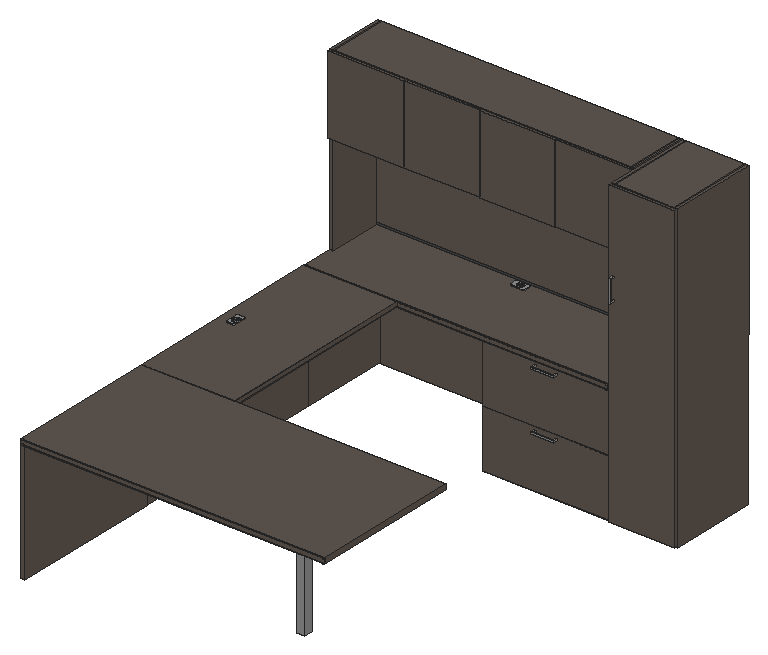
Revit family "T100055", category Generic Models, Revit 2018 (continued)
Definition of nested family "FIRST OFFICE-PULSE_STORAGE_HIGHBACK_ORGANZR_W-DOORS"
  Lines and regions (in)
    Masking region 10
      outline origin (15.25, 0, 0) x (1, 0, 0) y (0, 1, 0)
        loop
          line (-33.1555, -14) -> (-33.1555, -14.75) -> (-15.313, -14.75) -> (-15.313, -14) -> (-33.1555, -14)
    Masking region 11
      outline origin (30.5, 0, 0) x (1, 0, 0) y (0, 1, 0)
        loop
          line (-30.437, -14) -> (-30.437, -14.75) -> (-12.5945, -14.75) -> (-12.5945, -14) -> (-30.437, -14)
    Masking region 12
      outline origin (51.25, 0, 0) x (1, 0, 0) y (0, 1, 0)
        loop
          line (-33.2185, -14) -> (-33.2185, -14.75) -> (-15.313, -14.75) -> (-15.313, -14) -> (-33.2185, -14)
  Dimensions and locks (in)
    "HIGHBACK WIDTH": plane 4 "LEFT" to plane 5 "RIGHT"
    locked: plane 6 "FRONT" to plane 1 "BACK" at 14
    locked: plane 8 to plane 12 at 0.75
    locked: plane 4 "LEFT" to plane 18 at 0.063
    plane 23 to plane 15 to plane 19 = 0' - 0.063" locked, 0' - 0.063" locked
    locked: plane 4 "LEFT" to plane 13 at 0.75
    plane 21 to plane 3 "Center Left/Right" to plane 17 = 0' - 0.063" locked, 0' - 0.063" locked
    plane 24 to plane 16 to plane 20 = 0' - 0.063" locked, 0' - 0.063" locked
    locked: plane 22 to plane 5 "RIGHT" at 0.063
    locked: plane 14 to plane 5 "RIGHT" at 0.75
    equal spacing: plane 18, plane 15, plane 3 "Center Left/Right", plane 16, plane 22
    locked: plane 25 to plane 6 "FRONT" at 0.75
    locked: plane 8 to plane 27 at 0.063
    plane 10 to plane 9 to plane 1 "BACK" = 0' - 0 3/4" locked, 0' - 0.563" locked
    plane 11 to plane 7 to plane 28 to plane 29 to plane 26 = 0' - 0 3/4" locked, 0' - 1.251" locked, 1' - 11.499" locked, 0' - 0 1/2" locked
    locked: plane 26 to plane 2 at 30
    locked: plane 8 to plane 26 at 42.5
    aligned and locked: Extrusion 1 sketch curve to plane 7
    aligned: Extrusion 1 to plane 1 "BACK"
    aligned: plane 6 "FRONT" to Extrusion 1
    aligned and locked: Masking region 1 sketch curve to plane 4 "LEFT"
    aligned and locked: plane 5 "RIGHT" to Masking region 1 sketch curve
    aligned and locked: plane 8 to Extrusion 2 sketch curve
    aligned and locked: plane 6 "FRONT" to Extrusion 2
    aligned and locked: plane 6 "FRONT" to Extrusion 3
    aligned and locked: plane 6 "FRONT" to Extrusion 4
    aligned and locked: Extrusion 5 to plane 9
    aligned and locked: plane 13 to Extrusion 3
    aligned and locked: Extrusion 5 to plane 13
    aligned and locked: Extrusion 5 to plane 14
    aligned and locked: plane 5 "RIGHT" to Extrusion 4
    aligned and locked: plane 14 to Extrusion 4
    aligned: plane 12 to Extrusion 3
    aligned: plane 12 to Extrusion 4
    aligned and locked: Extrusion 2 to plane 12
    aligned and locked: plane 12 to Extrusion 5
    aligned: plane 11 to Extrusion 1
    aligned: Extrusion 3 to plane 11
    aligned: Extrusion 4 to plane 11
    aligned: Extrusion 5 to plane 11
    aligned and locked: Extrusion 6 to plane 6 "FRONT"
    aligned and locked: plane 25 to Extrusion 6
    aligned and locked: Extrusion 6 to plane 18
    aligned and locked: plane 23 to Extrusion 6
    aligned and locked: Extrusion 7 to plane 6 "FRONT"
    aligned and locked: plane 25 to Extrusion 7
    aligned and locked: Extrusion 8 to plane 6 "FRONT"
    aligned and locked: plane 25 to Extrusion 8
    aligned and locked: Extrusion 7 to plane 19
    aligned and locked: plane 21 to Extrusion 7
    aligned and locked: Extrusion 8 to plane 17
    aligned and locked: Extrusion 9 to plane 6 "FRONT"
    aligned and locked: plane 25 to Extrusion 9
    aligned and locked: Extrusion 8 to plane 24
    aligned and locked: plane 20 to Extrusion 9
    aligned and locked: plane 22 to Extrusion 9
    aligned and locked: plane 27 to Extrusion 6
    aligned and locked: plane 27 to Extrusion 7
    aligned and locked: plane 27 to Extrusion 8
    aligned and locked: plane 27 to Extrusion 9
    aligned and locked: plane 8 to Extrusion 3
    aligned and locked: Extrusion 2 to plane 13
    aligned and locked: plane 8 to Extrusion 4
    aligned and locked: Extrusion 2 to plane 14
    aligned: Extrusion 1 to plane 10
    aligned and locked: plane 10 to Extrusion 5
    aligned and locked: Extrusion 9 to plane 28
    aligned and locked: Extrusion 6 to plane 28
    aligned and locked: Extrusion 8 to plane 28
    aligned and locked: Extrusion 7 to plane 28
    aligned and locked: Extrusion 3 to plane 4 "LEFT"
    aligned and locked: Extrusion 4 to plane 26
    aligned and locked: Extrusion 3 to plane 26
    aligned: Extrusion 5 to plane 26
    aligned and locked: Extrusion 5 to plane 29
    aligned and locked: Extrusion 10 to plane 13
    aligned and locked: Extrusion 10 to plane 14
    aligned and locked: Extrusion 1 sketch curve to plane 13
    aligned and locked: Extrusion 1 sketch curve to plane 14
    aligned and locked: plane 21 to Masking region 5
    aligned and locked: Masking region 6 to plane 17
    aligned and locked: plane 22 to Masking region 8
    aligned and locked: Masking region 10 to plane 19
    aligned and locked: plane 21 to Masking region 10
    aligned and locked: Masking region 11 to plane 17
    aligned and locked: Masking region 11 to plane 24
    aligned and locked: plane 20 to Masking region 12
    aligned and locked: plane 22 to Masking region 12
  Automatic sketch dimensions
    Extrusion 1 sketch curve to plane 11 = 0' - 0"
    plane 6 "FRONT" to Masking region 1 sketch curve = 0' - 0"
    plane 1 "BACK" to Masking region 1 sketch curve = 0' - 0"
    Extrusion 2 sketch curve to plane 12 = 0' - 0"
    Extrusion 2 sketch curve to plane 13 = 0' - 0"
    plane 14 to Extrusion 2 sketch curve = 0' - 0"
    Extrusion 3 sketch curve to plane 6 "FRONT" = 0' - 0"
    Extrusion 3 sketch curve to plane 1 "BACK" = 0' - 0"
    Extrusion 3 sketch curve to plane 26 = 0' - 0"
    Extrusion 3 sketch curve to plane 8 = 0' - 0"
    Extrusion 4 sketch curve to plane 6 "FRONT" = 0' - 0"
    Extrusion 4 sketch curve to plane 1 "BACK" = 0' - 0"
    Extrusion 4 sketch curve to plane 8 = 0' - 0"
    Extrusion 4 sketch curve to plane 26 = 0' - 0"
    Extrusion 5 sketch curve to plane 13 = 0' - 0"
    Extrusion 5 sketch curve to plane 12 = 0' - 0"
    plane 14 to Extrusion 5 sketch curve = 0' - 0"
    Extrusion 5 sketch curve to plane 29 = 0' - 0"
    Masking region 2 sketch curve to plane 4 "LEFT" = 0' - 0"
    plane 1 "BACK" to Masking region 2 sketch curve = 0' - 0"
    Masking region 2 sketch curve to plane 5 "RIGHT" = 0' - 0"
    plane 6 "FRONT" to Masking region 2 sketch curve = 0' - 0"
    Extrusion 6 sketch curve to plane 23 = 0' - 0"
    Extrusion 6 sketch curve to plane 18 = 0' - 0"
    Extrusion 6 sketch curve to plane 28 = 0' - 0"
    Extrusion 6 sketch curve to plane 27 = 0' - 0"
    Extrusion 7 sketch curve to plane 21 = 0' - 0"
    Extrusion 7 sketch curve to plane 19 = 0' - 0"
    Extrusion 7 sketch curve to plane 28 = 0' - 0"
    Extrusion 7 sketch curve to plane 27 = 0' - 0"
    plane 24 to Extrusion 8 sketch curve = 0' - 0"
    Extrusion 8 sketch curve to plane 17 = 0' - 0"
    Extrusion 8 sketch curve to plane 28 = 0' - 0"
    Extrusion 8 sketch curve to plane 27 = 0' - 0"
    Extrusion 9 sketch curve to plane 22 = 0' - 0"
    plane 20 to Extrusion 9 sketch curve = 0' - 0"
    Extrusion 9 sketch curve to plane 28 = 0' - 0"
    Extrusion 9 sketch curve to plane 27 = 0' - 0"
    Extrusion 10 sketch curve to plane 10 = 0' - 0"
    Extrusion 10 sketch curve to plane 9 = 0' - 0"
    Extrusion 10 sketch curve to plane 26 = 0' - 0"
    Extrusion 10 sketch curve to plane 29 = 0' - 0"
    Masking region 3 sketch curve to plane 18 = 0' - 0"
    plane 6 "FRONT" to Masking region 3 sketch curve = 0' - 0"
    plane 25 to Masking region 3 sketch curve = 0' - 0"
    plane 6 "FRONT" to Masking region 4 sketch curve = 0' - 0"
    plane 25 to Masking region 4 sketch curve = 0' - 0"
    plane 6 "FRONT" to Masking region 5 sketch curve = 0' - 0"
    Masking region 5 sketch curve to plane 21 = 0' - 0"
    plane 25 to Masking region 5 sketch curve = 0' - 0"
    Masking region 6 sketch curve to plane 17 = 0' - 0"
    plane 6 "FRONT" to Masking region 6 sketch curve = 0' - 0"
    plane 25 to Masking region 6 sketch curve = 0' - 0"
    plane 6 "FRONT" to Masking region 7 sketch curve = 0' - 0"
    plane 25 to Masking region 7 sketch curve = 0' - 0"
    plane 6 "FRONT" to Masking region 8 sketch curve = 0' - 0"
    Masking region 8 sketch curve to plane 22 = 0' - 0"
    plane 25 to Masking region 8 sketch curve = 0' - 0"
    Masking region 9 sketch curve to plane 18 = 0' - 0"
    plane 6 "FRONT" to Masking region 9 sketch curve = 0' - 0"
    Masking region 9 sketch curve to plane 23 = 0' - 0"
    plane 25 to Masking region 9 sketch curve = 0' - 0"
    Masking region 10 sketch curve to plane 19 = 0' - 0"
    plane 6 "FRONT" to Masking region 10 sketch curve = 0' - 0"
    Masking region 10 sketch curve to plane 21 = 0' - 0"
    plane 25 to Masking region 10 sketch curve = 0' - 0"
    Masking region 11 sketch curve to plane 17 = 0' - 0"
    plane 6 "FRONT" to Masking region 11 sketch curve = 0' - 0"
    Masking region 11 sketch curve to plane 24 = 0' - 0"
    plane 25 to Masking region 11 sketch curve = 0' - 0"
    plane 25 to Masking region 12 sketch curve = 0' - 0"
    plane 6 "FRONT" to Masking region 12 sketch curve = 0' - 0"
    Masking region 12 sketch curve to plane 5 "RIGHT" = 0' - 0.063"
    Masking region 3 sketch curve to plane 23 = 0' - 6.9895"
    Masking region 4 sketch curve to plane 23 = 0' - 6.8635"
    plane 19 to Masking region 4 sketch curve = 0' - 6.8635"
    plane 19 to Masking region 5 sketch curve = 0' - 6.9895"
    plane 24 to Masking region 6 sketch curve = 0' - 6.9895"
    plane 24 to Masking region 7 sketch curve = 0' - 6.8635"
    Masking region 7 sketch curve to plane 20 = 0' - 6.8635"
    Masking region 8 sketch curve to plane 20 = 0' - 6.9895"
    Masking region 12 sketch curve to plane 20 = 0' - 0"
Definition of nested family "FIRST OFFICE-PULSE_STORAGE_WARDROBE_SINGLE_DOOR"
  Parameters (values of type "PULSE-STORAGE-WARDROBE_4-7216RSW")
    VERTICAL PLANKS = none
    URL = "http://www.firstoffice.com/products/casegoods/pulse"
    TOP/BOTTOM = none
    SOLID DOORS = none
    Manufacturer = "FIRST OFFICE-PULSE"
    MODEL NUMBER = "4-7216RSW"
    MANUFACTURERS' CODE = "FOF"
    HINGE RIGHT = yes
    HINGE LEFT = not(HINGE RIGHT)  # no
    ENVIRONMENT = "http://www.firstoffice.com/information/environment"
    Description = "PULSE WARDROBE 16X72"
    CATALOG CODE = "FOF"
    WARDROBE HEIGHT = 6' - 0"
  Types (3): name | MODEL NUMBER | HINGE RIGHT | HINGE LEFT
    (no name) | "4-7216RSW" | yes | no
    PULSE-STORAGE-WARDROBE_4-7216LSW | "4-7216LSW" | no | yes
    PULSE-STORAGE-WARDROBE_4-7216RSW | "4-7216RSW" | yes | no
  Reference planes (in)
    plane 1 "BACK": y = 0
    plane 2: z = 0
    plane 3 "Center Left/Right": x = 0
    plane 4 "LEFT": x = -7.813
    plane 5 "RIGHT": x = 7.813
    plane 6 "FRONT": y = -21
    plane 7: z = 72.5
    plane 8: y = -0.25
    plane 9: y = -1
    plane 10: z = 71.75
    plane 11: x = -7.063
    plane 12: x = 7.063
    plane 13: x = -7.75
    plane 14: x = 7.75
    plane 15: y = -21.75
    plane 16: z = 0.5
    plane 17: z = 72.437
    plane 18: z = 1.25
    plane 19: z = 1
    plane 20: z = 48.001
    plane 21: z = 53.4385
  Forms (in)
    Extrusion 1, solid, material <- "TOP/BOTTOM"
      sketch origin (0, 0, 29.018) x (1, 0, 0) y (0, 0, 1)
        loop
          line (-7.063, 43.482) -> (-7.063, 42.732) -> (7.063, 42.732) -> (7.063, 43.482) -> (-7.063, 43.482)
      from 0 to 21
    Extrusion 2, solid, material <- "VERTICAL PLANKS"
      sketch origin (-7.5, 0, 34.643) x (0, 1, 0) y (0, 0, 1)
        loop
          line (0, 37.857) -> (-21, 37.857) -> (-21, -34.143) -> (0, -34.143) -> (0, 37.857)
      from -0.313 to 0.437
    Extrusion 3, solid, material <- "VERTICAL PLANKS"
      sketch origin (24, 0, 34.643) x (0, 1, 0) y (0, 0, -1)
        loop
          line (0, -37.857) -> (0, 34.143) -> (-21, 34.143) -> (-21, -37.857) -> (0, -37.857)
      from 16.187 to 16.937
    Extrusion 4, solid, material <- "VERTICAL PLANKS"
      sketch origin (0, 0, 34.643) x (1, 0, 0) y (0, 0, 1)
        loop
          line (-7.063, 37.107) -> (-7.063, -34.143) -> (7.063, -34.143) -> (7.063, 37.107) -> (-7.063, 37.107)
      from 0.25 to 1
    Extrusion 5, solid, material <- "SOLID DOORS"
      sketch origin (-26.90905, -16.25, 34.643) x (-1, 0, 0) y (0, 0, 1)
        loop
          line (-19.15905, 37.794) -> (-34.65905, 37.794) -> (-34.65905, -33.643) -> (-19.15905, -33.643) -> (-19.15905, 37.794)
      from -5.5 to -4.75
    Extrusion 6, solid, material <- "TOP/BOTTOM"
      sketch origin (0, -6.625, -9.982) x (1, 0, 0) y (0, 0, 1)
        loop
          line (-7.063, 11.232) -> (-7.063, 10.482) -> (7.063, 10.482) -> (7.063, 11.232) -> (-7.063, 11.232)
      from -5.625 to 14.375
    Extrusion 7, solid, visible <- "HINGE LEFT"
      sketch origin (11.1245, -15.75035, 41.69686) x (0, 0, -1) y (0, -1, 0)
        loop
          line (-11.74164, 5.99965) -> (-11.36664, 5.99965) -> (-11.36664, 6.81215) -> (-6.67914, 6.81215) -> (-6.67914, 5.99965) -> (-6.30414, 5.99965) -> (-6.30414, 6.99965) -> (-11.74164, 6.99965) -> (-11.74164, 5.99965)
      from 4.53125 to 4.0625
    Extrusion 8, solid, visible <- "HINGE RIGHT"
      sketch origin (-11.1245, -15.75035, 41.69686) x (0, 0, -1) y (0, 1, 0)
        loop
          line (-11.74164, -5.99965) -> (-11.74164, -6.99965) -> (-6.30414, -6.99965) -> (-6.30414, -5.99965) -> (-6.67914, -5.99965) -> (-6.67914, -6.81215) -> (-11.36664, -6.81215) -> (-11.36664, -5.99965) -> (-11.74164, -5.99965)
      from 4.53125 to 4.0625
  Lines and regions (in)
    Masking region 1
      outline origin (0, 0, 0) x (1, 0, 0) y (0, 1, 0)
        loop
          line (-7.813, 0) -> (-7.813, -21) -> (7.813, -21) -> (7.813, 0) -> (-7.813, 0)
    Masking region 2
      outline origin (0, 0, 0) x (1, 0, 0) y (0, 1, 0)
        loop
          line (-7.813, 0) -> (-7.813, -21) -> (7.813, -21) -> (7.813, 0) -> (-7.813, 0)
    Masking region 3
      outline origin (24.979, -0.375, 0) x (1, 0, 0) y (0, 1, 0)
        loop
          line (-32.729, -20.625) -> (-32.729, -21.375) -> (-17.229, -21.375) -> (-17.229, -20.625) -> (-32.729, -20.625)
    Masking region 4, visible <- "HINGE LEFT"
      outline origin (0, 0, 0) x (1, 0, 0) y (0, 1, 0)
        loop
          line (6.59325, -21.75) -> (6.59325, -22.75) -> (7.062, -22.75) -> (7.062, -21.75) -> (6.59325, -21.75)
    Masking region 5, visible <- "HINGE RIGHT"
      outline origin (0, 0, 0) x (0, 1, 0) y (-1, 0, 0)
        loop
          line (-21.75, 6.59325) -> (-21.75, 7.062) -> (-22.75, 7.062) -> (-22.75, 6.59325) -> (-21.75, 6.59325)
  Dimensions and locks (in)
    locked: plane 7 to plane 10 at 0.75
    locked: plane 15 to plane 6 "FRONT" at 0.75
    locked: plane 7 to plane 17 at 0.063
    "WARDROBE HEIGHT": plane 7 to plane 16
    equal spacing: plane 4 "LEFT", plane 3 "Center Left/Right", plane 5 "RIGHT"
    plane 4 "LEFT" to plane 13 to plane 11 = 0' - 0.063" locked, 0' - 0.687" locked
    plane 12 to plane 14 to plane 5 "RIGHT" = 0' - 0.687" locked, 0' - 0.063" locked
    plane 18 to plane 19 to plane 16 to plane 2 = 0' - 0 1/4" locked, 0' - 0 1/2" locked, 0' - 0 1/2" locked
    plane 21 to plane 20 to plane 19 = 0' - 5 7/16" locked, 3' - 11.001" locked
    plane 9 to plane 8 to plane 1 "BACK" = 0' - 0 3/4" locked, 0' - 0 1/4" locked
    locked: plane 15 to plane 1 "BACK" at 21.75
    locked: plane 4 "LEFT" to plane 5 "RIGHT" at 15.626
    aligned and locked: Masking region 1 sketch curve to plane 4 "LEFT"
    aligned and locked: plane 5 "RIGHT" to Masking region 1 sketch curve
    aligned and locked: plane 7 to Extrusion 1 sketch curve
    aligned and locked: plane 6 "FRONT" to Extrusion 1
    aligned and locked: plane 6 "FRONT" to Extrusion 2
    aligned and locked: plane 6 "FRONT" to Extrusion 3
    aligned and locked: Extrusion 4 to plane 8
    aligned and locked: plane 11 to Extrusion 2
    aligned and locked: Extrusion 4 to plane 11
    aligned and locked: Extrusion 4 to plane 12
    aligned and locked: plane 5 "RIGHT" to Extrusion 3
    aligned and locked: plane 12 to Extrusion 3
    aligned: plane 10 to Extrusion 2
    aligned: plane 10 to Extrusion 3
    aligned and locked: Extrusion 1 to plane 10
    aligned: plane 10 to Extrusion 4
    aligned and locked: plane 7 to Extrusion 2
    aligned and locked: Extrusion 1 to plane 11
    aligned and locked: plane 7 to Extrusion 3
    aligned and locked: Extrusion 1 to plane 12
    aligned and locked: plane 9 to Extrusion 4
    aligned and locked: plane 17 to Extrusion 5  (x2)
    aligned and locked: Extrusion 2 to plane 4 "LEFT"
    aligned and locked: Extrusion 3 to plane 16
    aligned and locked: Extrusion 2 to plane 16
    aligned: Extrusion 4 to plane 16
    aligned: Extrusion 4 to plane 18
    aligned and locked: Extrusion 5 to plane 6 "FRONT"
    aligned and locked: plane 15 to Extrusion 5
    aligned: Extrusion 5 to plane 13  (x2)
    aligned: plane 7 to Extrusion 4
    aligned: Extrusion 1 to plane 9
    aligned and locked: Extrusion 4 to plane 16
    aligned and locked: Extrusion 6 to plane 16
    aligned and locked: plane 18 to Extrusion 6
    aligned: plane 14 to Extrusion 5
    aligned and locked: Extrusion 5 to plane 19
    aligned and locked: Masking region 3 to plane 13
    aligned and locked: plane 14 to Masking region 3
    aligned and locked: plane 21 to Extrusion 8
    aligned and locked: plane 21 to Extrusion 7
    aligned and locked: plane 20 to Extrusion 8
    aligned and locked: Extrusion 7 to plane 20
    aligned and locked: level to plane 2
    aligned and locked: plane 10 to Extrusion 4
    aligned and locked: Extrusion 1 to plane 1 "BACK"
    aligned and locked: Extrusion 6 to plane 9
    aligned and locked: Extrusion 5 to plane 13
    aligned and locked: plane 14 to Extrusion 5
  Automatic sketch dimensions
    plane 6 "FRONT" to Masking region 1 sketch curve = 0' - 0"
    plane 1 "BACK" to Masking region 1 sketch curve = 0' - 0"
    Extrusion 1 sketch curve to plane 10 = 0' - 0"
    Extrusion 1 sketch curve to plane 11 = 0' - 0"
    plane 12 to Extrusion 1 sketch curve = 0' - 0"
    Extrusion 2 sketch curve to plane 6 "FRONT" = 0' - 0"
    Extrusion 2 sketch curve to plane 1 "BACK" = 0' - 0"
    Extrusion 2 sketch curve to plane 16 = 0' - 0"
    Extrusion 2 sketch curve to plane 7 = 0' - 0"
    Extrusion 3 sketch curve to plane 6 "FRONT" = 0' - 0"
    Extrusion 3 sketch curve to plane 1 "BACK" = 0' - 0"
    Extrusion 3 sketch curve to plane 7 = 0' - 0"
    Extrusion 3 sketch curve to plane 16 = 0' - 0"
    Extrusion 4 sketch curve to plane 11 = 0' - 0"
    Extrusion 4 sketch curve to plane 7 = 0' - 0 3/4"
    plane 12 to Extrusion 4 sketch curve = 0' - 0"
    Extrusion 4 sketch curve to plane 16 = 0' - 0"
    Masking region 2 sketch curve to plane 4 "LEFT" = 0' - 0"
    plane 1 "BACK" to Masking region 2 sketch curve = 0' - 0"
    Masking region 2 sketch curve to plane 5 "RIGHT" = 0' - 0"
    plane 6 "FRONT" to Masking region 2 sketch curve = 0' - 0"
    Extrusion 5 sketch curve to plane 14 = 0' - 0"
    plane 13 to Extrusion 5 sketch curve = 0' - 0"
    Extrusion 5 sketch curve to plane 19 = 0' - 0"
    Extrusion 5 sketch curve to plane 17 = 0' - 0"
    Masking region 3 sketch curve to plane 13 = 0' - 0"
    plane 6 "FRONT" to Masking region 3 sketch curve = 0' - 0"
    Masking region 3 sketch curve to plane 14 = 0' - 0"
    plane 15 to Masking region 3 sketch curve = 0' - 0"
    Extrusion 6 sketch curve to plane 11 = 0' - 0"
    plane 12 to Extrusion 6 sketch curve = 0' - 0"
    Extrusion 6 sketch curve to plane 16 = 0' - 0"
    Extrusion 6 sketch curve to plane 18 = 0' - 0"
    Extrusion 7 sketch curve to plane 15 = 0' - 0"  (x2)
    Extrusion 7 sketch curve to plane 21 = 0' - 0"
    Extrusion 7 sketch curve to plane 20 = 0' - 0"
    Extrusion 7 sketch curve to Extrusion 7 sketch curve = 0' - 0 3/8"
    plane 20 to Extrusion 7 sketch curve = 0' - 0 3/8"
    plane 15 to Extrusion 7 sketch curve = 0' - 0 13/16"
    Extrusion 7 sketch curve to Extrusion 7 sketch curve = 0' - 0 3/16"
    Extrusion 8 sketch curve to plane 15 = 0' - 0"  (x2)
    Extrusion 8 sketch curve to plane 21 = 0' - 0"
    Extrusion 8 sketch curve to plane 20 = 0' - 0"
    Extrusion 8 sketch curve to Extrusion 8 sketch curve = 0' - 0 3/8"
    plane 20 to Extrusion 8 sketch curve = 0' - 0 3/8"
    Extrusion 8 sketch curve to Extrusion 8 sketch curve = 0' - 0 13/16"
    Extrusion 8 sketch curve to Extrusion 8 sketch curve = 0' - 0 3/16"
    plane 15 to Masking region 4 sketch curve = 0' - 0"
    plane 12 to Masking region 4 sketch curve = 0' - 0.46975"
    plane 12 to Masking region 4 sketch curve = 0' - 0.001"
    plane 15 to Masking region 4 sketch curve = 0' - 1"
    plane 15 to Masking region 5 sketch curve = 0' - 0"
    plane 11 to Masking region 5 sketch curve = 0' - 0.001"
    Masking region 5 sketch curve to Masking region 5 sketch curve = 0' - 1"
    Masking region 5 sketch curve to Masking region 5 sketch curve = 0' - 0 15/32"
Definition of nested family "FIRST OFFICE-PULSE_SUPPORT_BASES_CB4-L2S"
  Parameters (values of type "IMPULSE-G2_SUPPORT_BASE_MTL_CYLN_5-CB4")
    METAL SQUARE = no
    URL = "http://www.firstoffice.com/products/casegoods/pulse"
    METAL CYLINDER = yes
    ENVIRONMENTAL = "http://www.firstoffice.com/information/environment"
    Manufacturer = "FIRST OFFICE-PULSE"
    MODEL NUMBER = "4-CB4"
    MANUFACTURERS' CODE = "FOF"
    Description = "PULSE G2 METAL 4\" CYLINDER BASE"
    CATALOG CODE = "FOF"
  Types (3): name | METAL SQUARE | METAL CYLINDER | MODEL NUMBER | Description
    (no name) | no | yes | "4-CB4" | "PULSE G2 METAL 4\" CYLINDER BASE"
    IMPULSE-G2_SUPPORT_BASE_MTL_CYLN_5-CB4 | no | yes | "4-CB4" | "PULSE G2 METAL 4\" CYLINDER BASE"
    IMPULSE-G2_SUPPORT_BASE_MTL_SQR_5-L2S | yes | no | "4-L2S" | "PULSE G2 METAL 2\" SQUARE BASE"
  Reference planes (in)
    plane 1 "Center Front/Back": y = 3
    plane 2: z = 0
    plane 3 "Center Left/Right": x = 0
    plane 4 "BASE TOP": z = 28.812
    plane 5 "BASE BASE": z = 0.25
    plane 6: z = 0.503
  Forms (in)
    Extrusion 1, solid, visible <- "METAL CYLINDER"
      sketch origin (0, 0, 0) x (1, 0, 0) y (0, 1, 0)
        loop
          circle (0, 3) r 2
      from 0 to 0.25
    Extrusion 2, solid, visible <- "METAL CYLINDER"
      sketch origin (0, 0, 0.503) x (1, 0, 0) y (0, 1, 0)
        loop
          circle (0, 3) r 2
      from 0 to 28.309
    Extrusion 3, solid, visible <- "METAL CYLINDER"
      sketch origin (0, 0, 0) x (1, 0, 0) y (0, 1, 0)
        loop
          circle (0, 3) r 0.375
      from 0.25 to 0.503
    Extrusion 4, solid, visible <- "METAL SQUARE"
      sketch origin (0, 1.5, 0) x (1, 0, 0) y (0, 1, 0)
        loop
          line (-1, 0.5) -> (1, 0.5) -> (1, 2.5) -> (-1, 2.5) -> (-1, 0.5)
      from 0 to 28.812
  Cuts and joins
    joined: Extrusion 1, Extrusion 3
  Lines and regions (in)
    Masking region 1, visible <- "METAL CYLINDER"
      outline origin (0, 0, 0) x (1, 0, 0) y (0, 1, 0)
        loop
          circle (0, 3) r 2
    Masking region 2, not visible
      outline origin (0, 0, 0) x (1, 0, 0) y (0, 1, 0)
        loop
          circle (0, 3) r 2
    Masking region 3, visible <- "METAL SQUARE"
      outline origin (0, 0, 0) x (1, 0, 0) y (0, 1, 0)
        loop
          line (-1, 2) -> (1, 2) -> (1, 4) -> (-1, 4) -> (-1, 2)
    Masking region 4, not visible
      outline origin (0, 0, 0) x (1, 0, 0) y (0, 1, 0)
        loop
          line (-1.8125, 1.1875) -> (1.8125, 1.1875) -> (1.8125, 4.8125) -> (-1.8125, 4.8125) -> (-1.8125, 1.1875)
  Dimensions and locks (in)
    plane 6 to plane 5 "BASE BASE" to plane 2 = 0' - 0.253" locked, 0' - 0 1/4" locked
    locked: plane 4 "BASE TOP" to plane 2 at 28.812
    aligned and locked: plane 4 "BASE TOP" to Extrusion 4
    aligned and locked: Extrusion 4 to plane 2
    aligned and locked: Extrusion 4 to Masking region 3 sketch curve
    aligned and locked: Masking region 3 sketch curve to Extrusion 4  (x3)
    aligned and locked: plane 4 "BASE TOP" to Extrusion 2
Definition of nested family "FIRST OFFICE-PULSE_SUPPORT_END_PANELS"
  Parameters (values of type "PULSE_SUPPORT_END_PANEL_4-2930MEP")
    URL = "http://www.firstoffice.com/products/casegoods/pulse"
    ENVIRONMENTAL = "http://www.firstoffice.com/information/environment"
    END PNL DEPTH = 2' - 4.938"
    Manufacturer = "FIRST OFFICE-PULSE"
    MODEL NUMBER = "4-2930MEP"
    MANUFACTURERS' CODE = "FOF"
    Description = "PULSE G2 END PANEL 30"
    END PANELS = none
    CATALOG CODE = "FOF"
  Types (7): name | END PNL DEPTH | MODEL NUMBER | Description
    (no name) | 2' - 4.938" | "4-2930MEP" | "PULSE G2 END PANEL 30"
    PULSE_SUPPORT_END_PANEL_4-2922MEP | 1' - 8.938" | "4-2922MEP" | "PULSE G2 END PANEL 22"
    PULSE_SUPPORT_END_PANEL_4-2930MEP | 2' - 4.938" | "4-2930MEP" | "PULSE G2 END PANEL 30"
    PULSE_SUPPORT_END_PANEL_4-2936MEP | 2' - 10.938" | "4-2936MEP" | "PULSE G2 END PANEL 36"
    PULSE_SUPPORT_END_PANEL_4-2922TEP | 1' - 10" | "4-2922TEP" | "PULSE G2 END PANEL 22"
    PULSE_SUPPORT_END_PANEL_4-2930TEP | 2' - 6" | "4-2930TEP" | "PULSE G2 END PANEL 30"
    PULSE_SUPPORT_END_PANEL_4-2936TEP | 3' - 0" | "4-2936TEP" | "PULSE G2 END PANEL 36"
  Reference planes (in)
    plane 1 "Center Front/Back": y = 3
    plane 2: z = 0
    plane 3 "Center Left/Right": x = -0.282
    plane 4 "BASE HEIGHT": z = 28.813
    plane 5 "PNL BOTTOM": z = 0.5
    plane 6 "PNLTOP": z = 28.688
    plane 7 "FRONT": y = -11.469
    plane 8 "BACK": y = 17.469
    plane 9: x = -0.8135
    plane 10: y = -11.344
    plane 11: x = 0.2495
    plane 12: x = 0.1245
    plane 13: x = -0.6885
    plane 14: y = 17.344
  Forms (in)
    Extrusion 1, solid, material <- "END PANELS"
      sketch origin (-15.9065, 0, 0) x (0, 1, 0) y (0, 0, 1)
        loop
          line (-11.469, 28.688) -> (-11.469, 0.5) -> (17.469, 0.5) -> (17.469, 28.688) -> (-11.469, 28.688)
      from 15.093 to 16.156
    Extrusion 2, solid
      sketch origin (-7.812, 0, 28.688) x (0, 1, 0) y (-1, 0, 0)
        loop
          line (17.344, -7.9365) -> (17.344, -7.1235) -> (-11.344, -7.1235) -> (-11.344, -7.9365) -> (17.344, -7.9365)
      from 0 to 0.125
  Lines and regions (in)
    Masking region 1
      outline origin (0, 0, 0) x (1, 0, 0) y (0, 1, 0)
        loop
          line (-0.8135, -11.469) -> (0.2495, -11.469) -> (0.2495, 17.469) -> (-0.8135, 17.469) -> (-0.8135, -11.469)
  Dimensions and locks (in)
    locked: plane 4 "BASE HEIGHT" to plane 6 "PNLTOP" at 0.125
    equal spacing: plane 7 "FRONT", plane 1 "Center Front/Back", plane 8 "BACK"
    "END PNL DEPTH": plane 7 "FRONT" to plane 8 "BACK"
    locked: plane 5 "PNL BOTTOM" to plane 2 at 0.5
    locked: plane 4 "BASE HEIGHT" to plane 5 "PNL BOTTOM" at 28.313
    locked: plane 7 "FRONT" to plane 10 at 0.125
    equal spacing: plane 9, plane 3 "Center Left/Right", plane 11, locked at 0.5315 each
    locked: plane 8 "BACK" to plane 14 at 0.125
    aligned and locked: plane 6 "PNLTOP" to Extrusion 1 sketch curve
    aligned: plane 8 "BACK" to Extrusion 1
    aligned and locked: level to plane 2
    aligned and locked: plane 7 "FRONT" to Extrusion 1
    aligned and locked: plane 10 to Extrusion 2 sketch curve
    aligned and locked: plane 11 to Extrusion 1
    aligned and locked: Extrusion 1 to plane 9
    aligned and locked: plane 12 to Extrusion 2 sketch curve
    aligned and locked: plane 8 "BACK" to Extrusion 1
    aligned and locked: plane 14 to Extrusion 2 sketch curve
  Automatic sketch dimensions
    Extrusion 1 sketch curve to plane 7 "FRONT" = 0' - 0"
    Extrusion 1 sketch curve to plane 5 "PNL BOTTOM" = 0' - 0"
    Extrusion 2 sketch curve to Extrusion 2 sketch curve = 0' - 0.813"
    Extrusion 1 sketch curve to plane 8 "BACK" = 0' - 0"
    Masking region 1 sketch curve to plane 8 "BACK" = 0' - 0"
    Masking region 1 sketch curve to plane 9 = 0' - 0"
    plane 7 "FRONT" to Masking region 1 sketch curve = 0' - 0"
    Masking region 1 sketch curve to plane 11 = 0' - 0"
Definition of nested family "FIRST OFFICE-PULSE_TACKBOARDS_FOR_HIGHBACK_ORGNZRS"
  Parameters (values of type "PULSE_TACKBOARD_FOR HIGHBACK_FT1088")
    URL = "http://www.firstoffice.com/products/casegoods/pulse"
    TACKBOARD HEIGHT = 1' - 10 5/8"
    MODE NUMBER = "FT1088"
    ENVIRONMENTAL = "http://www.firstoffice.com/information/environment"
    1 PIECE = yes
    2 PIECE = no
    Model = ""
    Manufacturer = "FIRST OFFICE-PULSE"
    MANUFACTURERS' CODE = "FOF"
    Description = "PULSE TACKBOARD FOR HIGHBACK ORGANIZER 64X23"
    TACKBOARD WIDTH = 5' - 4 3/8"
    CATALOG CODE = "FOF"
    Assembly Code = ""
  Types (8): name | MODE NUMBER | ENVIRONMENTAL | 1 PIECE | 2 PIECE | Description | TACKBOARD WIDTH
    PULSE_TACKBOARD_FOR HIGHBACK_FT1080 | "FT1080" | "http://www.firstoffice.com/information/environment\r\nhttp://www.firstoffice.com/information/environment\r\nhttp://www.firstoffice.com/information/environment" | no | yes | "PULSE TACKBOARD FOR HIGHBACK ORGANIZER 104X23" | 8' - 8 3/8"
    PULSE_TACKBOARD_FOR HIGHBACK_FT1082 | "FT1082" | "http://www.firstoffice.com/information/environment" | yes | no | "PULSE TACKBOARD FOR HIGHBACK ORGANIZER 94X23" | 7' - 10 3/8"
    PULSE_TACKBOARD_FOR HIGHBACK_FT1084 | "FT1084" | "http://www.firstoffice.com/information/environment" | yes | no | "PULSE TACKBOARD FOR HIGHBACK ORGANIZER 88X23" | 7' - 4 3/8"
    PULSE_TACKBOARD_FOR HIGHBACK_FT1085 | "FT1085" | "http://www.firstoffice.com/information/environment" | yes | no | "PULSE TACKBOARD FOR HIGHBACK ORGANIZER 82X23" | 6' - 10 3/8"
    PULSE_TACKBOARD_FOR HIGHBACK_FT1086 | "FT1086" | "http://www.firstoffice.com/information/environment" | yes | no | "PULSE TACKBOARD FOR HIGHBACK ORGANIZER 76X23" | 6' - 4 3/8"
    PULSE_TACKBOARD_FOR HIGHBACK_FT1087 | "FT1087" | "http://www.firstoffice.com/information/environment" | yes | no | "PULSE TACKBOARD FOR HIGHBACK ORGANIZER 70X23" | 5' - 10 3/8"
    PULSE_TACKBOARD_FOR HIGHBACK_FT1088 | "FT1088" | "http://www.firstoffice.com/information/environment" | yes | no | "PULSE TACKBOARD FOR HIGHBACK ORGANIZER 64X23" | 5' - 4 3/8"
    PULSE_TACKBOARD_FOR HIGHBACK_FT1089 | "FT1089" | "http://www.firstoffice.com/information/environment" | yes | no | "PULSE TACKBOARD FOR HIGHBACK ORGANIZER 58X23" | 4' - 10 3/8"
  Reference planes (in)
    plane 1: z = 0
    plane 2 "Center (Left/Right)": x = -1.00703
    plane 3 "RIGHT": x = 31.18047
    plane 4 "Back": y = 5.75035
    plane 5 "Top": z = 52.75
    plane 6: z = 30.125
    plane 7: y = 5.25035
    plane 8 "LEFT": x = -33.19453
  Forms (in)
    Extrusion 1, solid, visible <- "1 PIECE"
      sketch origin (-14.50703, 5.25, 0) x (0, 1, 0) y (0, 0, 1)
        loop
          line (0.00035, 30.125) -> (0.50035, 30.125) -> (0.50035, 52.75) -> (0.00035, 52.75) -> (0.00035, 30.125)
      from -18.6875 to 45.6875
    Extrusion 2, solid, visible <- "2 PIECE"
      sketch origin (-15.75703, 0.25, 0) x (0, 1, 0) y (0, 0, 1)
        loop
          line (5.00035, 30.125) -> (5.50035, 30.125) -> (5.50035, 52.75) -> (5.00035, 52.75) -> (5.00035, 30.125)
      from -17.4375 to 14.75
    Extrusion 3, solid, visible <- "2 PIECE"
      sketch origin (1.24297, 0.25, 0) x (0, 1, 0) y (0, 0, 1)
        loop
          line (5.00035, 30.125) -> (5.50035, 30.125) -> (5.50035, 52.75) -> (5.00035, 52.75) -> (5.00035, 30.125)
      from -2.25 to 29.9375
  Lines and regions (in)
    Masking region 1, visible <- "1 PIECE"
      outline origin (-14.50703, 0, 0) x (1, 0, 0) y (0, 1, 0)
        loop
          line (-18.6875, 5.75035) -> (-18.6875, 5.25035) -> (45.6875, 5.25035) -> (45.6875, 5.75035) -> (-18.6875, 5.75035)
    Masking region 2, visible <- "2 PIECE"
      outline origin (-15.75703, -5, 0) x (1, 0, 0) y (0, 1, 0)
        loop
          line (-17.4375, 10.75035) -> (-17.4375, 10.25035) -> (14.75, 10.25035) -> (14.75, 10.75035) -> (-17.4375, 10.75035)
    Masking region 3, visible <- "2 PIECE"
      outline origin (1.24297, -5, 0) x (1, 0, 0) y (0, 1, 0)
        loop
          line (-2.25, 10.75035) -> (-2.25, 10.25035) -> (29.9375, 10.25035) -> (29.9375, 10.75035) -> (-2.25, 10.75035)
  Dimensions and locks (in)
    "TACKBOARD HEIGHT": plane 5 "Top" to plane 6
    locked: plane 4 "Back" to plane 7 at 0.5
    equal spacing: plane 8 "LEFT", plane 2 "Center (Left/Right)", plane 3 "RIGHT"
    "TACKBOARD WIDTH": plane 8 "LEFT" to plane 3 "RIGHT"
    plane 6 to plane 1 = 2' - 6 1/8"
    aligned: Extrusion 1 to plane 2 "Center (Left/Right)"
    aligned and locked: plane 3 "RIGHT" to Extrusion 1
    aligned and locked: plane 7 to Masking region 1
    aligned and locked: Extrusion 1 to plane 8 "LEFT"
    aligned and locked: Masking region 1 to plane 8 "LEFT"
    aligned and locked: Extrusion 2 to plane 6
    aligned and locked: Extrusion 2 to plane 5 "Top"
    aligned and locked: Extrusion 2 to plane 8 "LEFT"
    aligned and locked: Masking region 2 to plane 8 "LEFT"
    aligned and locked: plane 2 "Center (Left/Right)" to Extrusion 2
    aligned and locked: plane 2 "Center (Left/Right)" to Masking region 2
    aligned and locked: Extrusion 3 to plane 2 "Center (Left/Right)"
    aligned and locked: Masking region 3 to plane 2 "Center (Left/Right)"
    aligned and locked: plane 3 "RIGHT" to Extrusion 3
    aligned and locked: plane 3 "RIGHT" to Masking region 3
    aligned and locked: Extrusion 3 to plane 5 "Top"  (x2)
    aligned and locked: Extrusion 3 to plane 6  (x2)
    aligned and locked: Extrusion 2 to plane 4 "Back"
    aligned and locked: plane 7 to Extrusion 2
    aligned and locked: Masking region 2 to plane 4 "Back"
    aligned and locked: plane 7 to Masking region 2
    aligned and locked: plane 2 "Center (Left/Right)" to Extrusion 3
    aligned and locked: Extrusion 3 to plane 3 "RIGHT"
    aligned and locked: Extrusion 3 to plane 4 "Back"
    aligned and locked: Masking region 3 to plane 4 "Back"
    aligned: plane 7 to Extrusion 3
    aligned and locked: plane 7 to Masking region 3
    aligned and locked: plane 7 to Extrusion 3
  Automatic sketch dimensions
    Extrusion 1 sketch curve to plane 6 = 0' - 0"
    Extrusion 1 sketch curve to plane 7 = 0' - 0"
    Extrusion 1 sketch curve to plane 4 "Back" = 0' - 0"
    plane 5 "Top" to Extrusion 1 sketch curve = 0' - 0"
    plane 7 to Masking region 1 sketch curve = 0' - 0"
    Masking region 1 sketch curve to plane 8 "LEFT" = 0' - 0"
    Masking region 1 sketch curve to plane 3 "RIGHT" = 0' - 0"
    plane 4 "Back" to Masking region 1 sketch curve = 0' - 0"
    Extrusion 2 sketch curve to plane 6 = 0' - 0"
    plane 5 "Top" to Extrusion 2 sketch curve = 0' - 0"
    plane 7 to Extrusion 2 sketch curve = 0' - 0"
    Extrusion 2 sketch curve to Extrusion 2 sketch curve = 0' - 0 1/2"
    Masking region 2 sketch curve to plane 8 "LEFT" = 0' - 0"
    Masking region 2 sketch curve to plane 2 "Center (Left/Right)" = 0' - 0"
    plane 7 to Masking region 2 sketch curve = 0' - 0"
    Masking region 2 sketch curve to Masking region 2 sketch curve = 0' - 0 1/2"
    Extrusion 3 sketch curve to plane 6 = 0' - 0"
    plane 5 "Top" to Extrusion 3 sketch curve = 0' - 0"
    plane 7 to Extrusion 3 sketch curve = 0' - 0"
    Extrusion 3 sketch curve to Extrusion 3 sketch curve = 0' - 0 1/2"
    plane 2 "Center (Left/Right)" to Masking region 3 sketch curve = 0' - 0"
    plane 3 "RIGHT" to Masking region 3 sketch curve = 0' - 0"
    plane 7 to Masking region 3 sketch curve = 0' - 0"
    Masking region 3 sketch curve to Masking region 3 sketch curve = 0' - 0 1/2"
